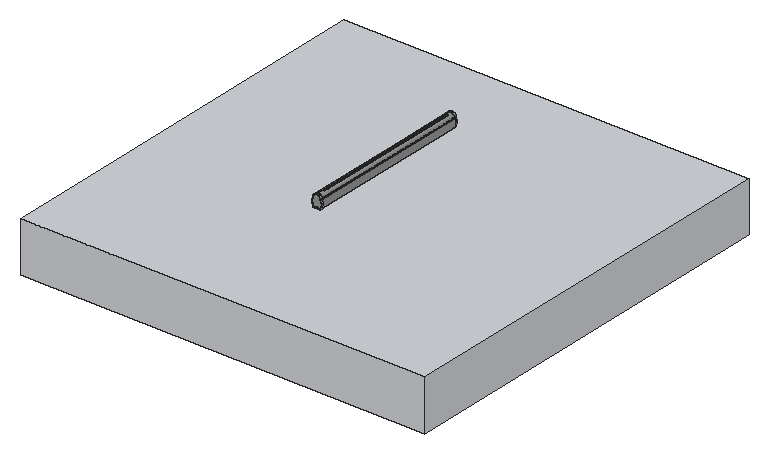
Revit family "L-trade II 45", category Осветительные приборы, Revit 2017
Family settings
  Основа = Грань
  Размер круглого соединителя = Использовать диаметр
  Тип детали = Нормальный
  При загрузке вырезать с полостями = Нет
  Источник света = Да
  Общий = Нет
  Точка расчета площади = Нет
Parameters (values of type "L-trade II 45 5.0K Д")
  Цветовая температура = 5000 K
  Световой поток светильника = Lumens  # 5148 lm
  Расстояние от светильника до поверхности = 250 mm
  Описание = "Универсальный светодиодный светильник нового поколения L-trade II 45 предназначен для освещения торговых залов, промышленных помещений, логистических центров, складов, магазинов, спортивных сооружений и т.д."
  Lamp = ""
  Кривая сил света = "Д"
  Комментарии к типоразмеру = "Торговые"
  Wattage Comments = ""
  Wattage = 34.6569 W
  built-in parameter 1150110 = 1 (stored number, unit not read)
  built-in parameter 1114217 = 1 (stored number, unit not read)
  Tilt Angle = 90.00°
  built-in parameter 1150109 = 1 (stored number, unit not read)
  built-in parameter 1150134 = 2
  built-in parameter 1150113 = 1 (stored number, unit not read)
  Файл фотометрической сетки = "L-trade II 45-22-D-5.0-03.ies"
  built-in parameter 1150142 = "IESNA:LM-63-1995\r\n[TEST]LEDEL\r\n[DATA]17.01.2017\r\n[MANUFAC]LEDEL\r\n[LUMCAT]L-trade II 45/44/Д/5.0/03\r\n[LUMINAIRE]Для освещения торговых залов, промышленных помещений, складов, магазинов, спортивных сооружений и т.д.  \r\n[LAMPCAT]LED\r\n[LAMP]OSRAM DURIS S5\r\nTILT=NONE\r\n\r\n1 5148 1.122546 37 10 1 2 1.031 0.050 0.123\r\n\r\n1 1 44\r\n\r\n 0 2.5 5 7.5 10 12.5 15 17.5 20 22.5 25 27.5 30 32.5 35 37.5 40 42.5 45 47.5\r\n 50 52.5 55 57.5 60 62.5 65 67.5 70 72.5 75 77.5 80 82.5 85 87.5 90\r\n\r\n  0 10 20 30 40 50 60 70 80 90\r\n\r\n  1448 1456 1465 1459 1434 1417 1396 1387 1383 1354 1329 1311 1281 1249 1214\r\n  1167 1135 1093 1050 1004 955 898 842 790 745 685 614 558 497 436\r\n  375 307 242 181 126 65 39\r\n  1449 1455 1464 1457 1433 1415 1396 1387 1385 1360 1334 1315 1285 1254 1221\r\n  1181 1144 1102 1059 1013 961 911 849 798 755 700 626 560 497 434\r\n  371 301 237 176 120 59 39\r\n  1446 1455 1463 1457 1437 1419 1402 1386 1386 1367 1337 1318 1288 1254 1226\r\n  1187 1141 1110 1065 1016 966 920 861 805 762 711 645 578 519 459\r\n  393 327 261 195 142 79 45\r\n  1446 1455 1462 1461 1443 1422 1409 1388 1379 1372 1344 1313 1292 1266 1230\r\n  1195 1156 1111 1073 1024 976 923 870 806 750 704 651 582 514 456\r\n  393 334 265 199 145 84 50\r\n  1446 1454 1462 1461 1447 1427 1411 1395 1371 1361 1347 1320 1287 1263 1235\r\n  1191 1154 1118 1068 1019 972 924 870 813 751 689 638 589 519 450\r\n  390 327 267 206 148 94 52\r\n  1445 1454 1461 1460 1449 1433 1414 1395 1375 1348 1333 1326 1298 1255 1221\r\n  1194 1158 1114 1070 1022 964 917 852 793 731 674 605 546 502 439\r\n  370 313 256 200 141 95 53\r\n  1446 1453 1461 1458 1452 1441 1428 1407 1380 1362 1338 1304 1278 1262 1243\r\n  1196 1146 1105 1065 1015 958 911 855 780 736 671 611 544 480 418\r\n  368 309 249 198 147 99 58\r\n  1447 1454 1458 1455 1449 1445 1432 1419 1396 1372 1343 1310 1281 1254 1215\r\n  1173 1137 1097 1055 1004 943 890 840 772 714 658 590 515 449 386\r\n  323 262 219 167 127 88 52\r\n  1455 1455 1454 1446 1437 1427 1415 1396 1377 1353 1321 1293 1259 1220 1176\r\n  1121 1063 1016 970 915 860 796 738 689 627 546 468 418 339 272\r\n  206 154 106 74 48 28 20\r\n  1453 1452 1452 1449 1443 1436 1425 1412 1396 1376 1352 1327 1293 1265 1234\r\n  1195 1141 1095 1049 999 950 899 826 780 705 632 578 501 435 364\r\n  295 228 169 115 72 40 22\r\n  1455 1452 1447 1432 1418 1398 1384 1368 1355 1329 1289 1253 1215 1176 1132\r\n  1090 1041 993 928 867 814 739 647 556 500 486 437 344 282 217\r\n  153 111 78 55 36 25 22\r\n  1447 1443 1438 1431 1425 1412 1396 1374 1351 1315 1276 1227 1185 1154 1116\r\n  1042 965 916 913 907 845 755 688 630 568 486 419 357 300 242\r\n  190 149 110 70 47 31 29\r\n  1446 1443 1446 1445 1431 1408 1385 1359 1327 1300 1252 1177 1120 1110 1115\r\n  1086 1020 955 910 863 805 738 673 620 554 494 430 368 312 260\r\n  211 161 106 73 47 35 32\r\n  1445 1445 1452 1447 1429 1404 1377 1356 1324 1263 1220 1224 1225 1170 1099\r\n  1054 1021 977 918 854 808 748 695 645 587 527 466 415 356 298\r\n  240 170 126 87 50 37 35\r\n  1446 1448 1455 1447 1428 1403 1377 1340 1278 1267 1296 1269 1209 1168 1128\r\n  1076 1019 958 916 864 809 763 711 653 592 538 481 425 366 301\r\n  228 173 131 83 47 37 35\r\n  1446 1454 1457 1445 1426 1403 1369 1311 1301 1328 1299 1241 1210 1178 1135\r\n  1078 1029 986 933 882 832 775 718 656 604 547 490 430 366 290\r\n  224 175 124 75 44 37 34\r\n  1446 1454 1457 1445 1424 1402 1357 1314 1337 1339 1284 1243 1216 1179 1127\r\n  1076 1035 984 936 896 845 788 726 676 617 559 497 433 362 285\r\n  225 176 120 72 41 37 34\r\n  1449 1459 1456 1440 1421 1391 1343 1326 1355 1329 1277 1253 1225 1186 1130\r\n  1092 1049 999 955 910 858 797 740 689 627 568 508 443 369 293\r\n  235 184 123 72 41 36 34\r\n  1448 1457 1457 1440 1418 1389 1343 1334 1359 1321 1278 1253 1219 1176 1123\r\n  1087 1041 994 951 905 852 790 736 679 621 561 498 432 356 283\r\n  225 172 113 67 40 35 34\r\n\r\n"
  built-in parameter 1150105 = 409.66 (stored number, unit not read)
  Lumens = 5148 lm
  built-in parameter 1150115 = 1 (stored number, unit not read)
  built-in parameter 1150137 = (empty or 0)
  built-in parameter 1150139 = (empty or 0)
  built-in parameter 1150112 = 1 (stored number, unit not read)
  built-in parameter 1150114 = 1 (stored number, unit not read)
  built-in parameter 1150132 = 2
  Классификация нагрузок = Освещение
  built-in parameter 1150102 = (empty or 0)
  built-in parameter 1150107 = 5000 (stored number, unit not read)
  built-in parameter 1150138 = (empty or 0)
  built-in parameter 1150106 = 4.0966 (stored number, unit not read)
  Emit from Rectangle Width = 48 mm
  Emit from Rectangle Length = 1000 mm
  Manufacturer = ""
  Длина профиля = Emit from Rectangle Length  # 1000 mm
  Emit Shape Visible in Rendering = no
  built-in parameter 1150104 = 13.8 (stored number, unit not read)
  Dimming Lamp Color Temperature Shift = (empty or 0)
  Default Elevation = 1219.2 mm
  Color Filter = 16777215
  built-in parameter 1114218 = 1 (stored number, unit not read)
  built-in parameter 1150133 = 10 (stored number, unit not read)
  Apparent Load = 44 VA  # constant formula
  Артикул = "210025"
Reference planes
  plane 1 "Center (Front/Back)": y = 0
  plane 2: z = 0
  plane 3 "Center (Left/Right)": x = 0
Forms (mm)
  Extrusion 1, solid
    sketch origin (0, 0, 0) x (1, 0, 0) y (0, 1, 0)
      loop
        line (-1219.2, 1219.2) -> (-1219.2, -1219.2) -> (1219.2, -1219.2) -> (1219.2, 1219.2) -> (-1219.2, 1219.2)
    from 0 to -304.8
Dimensions and locks
  "Расстояние от светильника до поверхности": imposter light to Extrusion 1
  aligned and locked: plane 2 to Extrusion 1
  aligned and locked: level to Extrusion 1
Automatic sketch dimensions
  Extrusion 1 sketch curve to Extrusion 1 sketch curve = 2438.4 mm  (x2)
Nested families
  nested 1: "L-trade II_body" at (0, 0, 0), type "L-trade II_body"
    with Начало выдавливания 500 mm, Конец выдавливания -500 mm, Длина профиля 1000 mm
Connectors
  electrical at (0, 0, 0), driven by "Apparent Load", driven by "Классификация нагрузок"
    settings: on Extrusion 1, index 1, voltage 230 V, apparent load 0 VA, apparent load phase1 44 VA, apparent load phase2 0 VA, apparent load phase3 0 VA, power factor 1, load classification "Освещение", number of poles 1, system type 31, power factor state 1, is connector primary yes, connector utility no, sub classification motor no, connector description ""
Definition of nested family "L-trade II_body"
  Parameters (values of type "L-trade II_body")
    Тип торцевой крышки = Trade II торцевая крышка : Trade II торцевая крышка
    Расстояние от светильника до плоскости = Расстояние от низа светильника до плоскости + 80 mm  # 250 mm
    Расстояние от низа светильника до плоскости = 170 mm
    Default Elevation = 1219.2 mm
    Начало выдавливания = 250 mm
    Конец выдавливания = Начало выдавливания * (-1)  # -250 mm
    Длина профиля = Начало выдавливания * 2  # 500 mm
  Reference planes
    plane 1 "По центру (Вперед/Назад)": y = 0
    plane 2: z = 0
    plane 3 "По центру (Влево/Вправо)": x = 0
    plane 4 "Плоскость расположения светильника": z = 170
  Forms (mm)
    Extrusion 1, solid
      sketch origin (0, 0, 0) x (1, 0, 0) y (0, 1, 0)
        loop
          line (-1219.2, 1219.2) -> (-1219.2, -1219.2) -> (1219.2, -1219.2) -> (1219.2, 1219.2) -> (-1219.2, 1219.2)
      from 0 to -304.8
    Extrusion 2, solid
      sketch origin (0, 0, 170) x (0, -1, 0) y (1, 0, 0)
        loop
          line (-250, 2.572) -> (250, 2.572) -> (250, 4.625) -> (-250, 4.625) -> (-250, 2.572)
        loop
          line (-250, -2.572) -> (-250, -4.625) -> (250, -4.625) -> (250, -2.572) -> (-250, -2.572)
      from 0 to 1
    Extrusion 3, solid
      sketch origin (0, 0, 0) x (1, 0, 0) y (0, 0, 1)
        loop
          line (2.572, 170) -> (21.583, 170)
          arc (21.583, 170) -> (23.284, 170.705) -> (23.988, 172.406) r 2.406
          line (23.988, 172.406) -> (23.988, 219.1) -> (23.054, 219.44)
          arc (23.054, 219.44) -> (20.433, 219.877) -> (22.85, 220.98) r 1.389
          line (22.85, 220.98) -> (23.732, 222.227)
          arc (23.732, 222.227) -> (24.096, 223.532) -> (23.546, 224.771) r 2.006
          arc (23.546, 224.771) -> (23.261, 225.083) -> (23.188, 225.5) r 0.757
          line (23.188, 225.5) -> (22.224, 225.5) -> (22.224, 224.659) -> (22.797, 224.087)
          arc (22.797, 224.087) -> (22.797, 222.684) -> (21.394, 222.684) r 0.992
          arc (21.394, 222.684) -> (21.071, 222.931) -> (20.696, 223.087) r 1.556
          line (20.696, 223.087) -> (18.325, 223.087)
          arc (18.325, 223.087) -> (16.847, 224.004) -> (18.515, 224.5) r 0.954
          line (18.515, 224.5) -> (19.803, 224.5) -> (19.803, 225.5) -> (19.002, 225.5)
          arc (19.002, 225.5) -> (17.792, 225.901) -> (16.582, 225.5) r 2.024
          line (16.582, 225.5) -> (4.453, 225.5) -> (4.453, 224.5) -> (5.483, 224.5) -> (5.483, 223.3) -> (-5.506, 223.3) -> (-5.506, 224.5) -> (-4.477, 224.5) -> (-4.477, 225.5) -> (-16.606, 225.5)
          arc (-16.606, 225.5) -> (-17.815, 225.901) -> (-19.025, 225.5) r 2.024
          line (-19.025, 225.5) -> (-19.826, 225.5) -> (-19.826, 224.5) -> (-18.538, 224.5)
          arc (-18.538, 224.5) -> (-16.87, 224.004) -> (-18.349, 223.087) r 0.954
          line (-18.349, 223.087) -> (-20.719, 223.087)
          arc (-20.719, 223.087) -> (-21.095, 222.931) -> (-21.417, 222.684) r 1.556
          arc (-21.417, 222.684) -> (-22.82, 222.684) -> (-22.82, 224.087) r 0.992
          line (-22.82, 224.087) -> (-22.247, 224.659) -> (-22.247, 225.5) -> (-23.212, 225.5)
          arc (-23.212, 225.5) -> (-23.284, 225.083) -> (-23.569, 224.771) r 0.757
          arc (-23.569, 224.771) -> (-24.119, 223.532) -> (-23.756, 222.227) r 2.006
          line (-23.756, 222.227) -> (-22.873, 220.98)
          arc (-22.873, 220.98) -> (-20.456, 219.877) -> (-23.077, 219.44) r 1.389
          line (-23.077, 219.44) -> (-24.012, 219.1) -> (-24.012, 172.406)
          arc (-24.012, 172.406) -> (-23.307, 170.705) -> (-21.606, 170) r 2.406
          line (-21.606, 170) -> (-2.595, 170) -> (-2.595, 171) -> (-4.649, 171) -> (-4.649, 175.456) -> (4.625, 175.456) -> (4.625, 171) -> (2.572, 171) -> (2.572, 170)
        loop
          line (5.619, 171) -> (21.584, 171)
          arc (21.584, 171) -> (22.577, 171.411) -> (22.988, 172.405) r 1.405
          line (22.988, 172.405) -> (22.988, 217.897)
          arc (22.988, 217.897) -> (19.715, 218.767) -> (20.407, 222.082) r 2.462
          line (20.407, 222.082) -> (18.726, 222.082)
          arc (18.726, 222.082) -> (16.485, 222.332) -> (15.866, 224.5) r 2.024
          line (15.866, 224.5) -> (6.476, 224.5) -> (6.476, 222.279) -> (-6.499, 222.279) -> (-6.499, 224.5) -> (-15.89, 224.5)
          arc (-15.89, 224.5) -> (-16.509, 222.332) -> (-18.749, 222.082) r 2.024
          line (-18.749, 222.082) -> (-20.43, 222.082)
          arc (-20.43, 222.082) -> (-19.738, 218.767) -> (-23.012, 217.897) r 2.462
          line (-23.012, 217.897) -> (-23.012, 172.405)
          arc (-23.012, 172.405) -> (-22.6, 171.411) -> (-21.607, 171) r 1.405
          line (-21.607, 171) -> (-5.642, 171) -> (-5.642, 176.427) -> (5.619, 176.427) -> (5.619, 171)
      from 250 <- "Начало выдавливания" to -250 <- "Конец выдавливания"
    Extrusion 4, solid
      sketch origin (0, 0, 0) x (1, 0, 0) y (0, 0, 1)
        loop
          arc (-0.012, 246.283) -> (14.71, 240.185) -> (20.808, 225.463) r 20.82
          line (20.808, 225.463) -> (20.808, 224.359) -> (18.369, 224.359) -> (18.369, 223.222) -> (22.088, 223.222) -> (22.088, 225.463)
          arc (22.088, 225.463) -> (15.615, 241.09) -> (-0.012, 247.563) r 22.1
          arc (-0.012, 247.563) -> (-15.639, 241.09) -> (-22.112, 225.463) r 22.1
          line (-22.112, 225.463) -> (-22.112, 223.222) -> (-18.393, 223.222) -> (-18.393, 224.359) -> (-20.832, 224.359) -> (-20.832, 225.463)
          arc (-20.832, 225.463) -> (-14.734, 240.185) -> (-0.012, 246.283) r 20.82
      from 250 <- "Начало выдавливания" to -250 <- "Конец выдавливания"
  Dimensions and locks
    "Расстояние от низа светильника до плоскости": plane 4 "Плоскость расположения светильника" to Extrusion 1
    aligned and locked: plane 2 to Extrusion 1
    aligned and locked: level to Extrusion 1
  Automatic sketch dimensions
    Extrusion 1 sketch curve to Extrusion 1 sketch curve = 2438.4 mm  (x2)
    Extrusion 2 sketch curve to plane 3 "По центру (Влево/Вправо)" = 2.572 mm
    Extrusion 2 sketch curve to plane 1 "По центру (Вперед/Назад)" = 250 mm
    plane 1 "По центру (Вперед/Назад)" to Extrusion 2 sketch curve = 250 mm
    plane 3 "По центру (Влево/Вправо)" to Extrusion 2 sketch curve = 2.572 mm
    Extrusion 2 sketch curve to Extrusion 2 sketch curve = 0 mm  (x2)
    Extrusion 2 sketch curve to Extrusion 2 sketch curve = 2.053 mm  (x2)
    Extrusion 3 sketch curve to Extrusion 3 sketch curve = 0 mm  (x22)
    Extrusion 3 sketch curve to plane 4 "Плоскость расположения светильника" = 0 mm  (x2)
    Extrusion 3 sketch curve to plane 3 "По центру (Влево/Вправо)" = 24.012 mm
    Extrusion 3 sketch curve to Extrusion 3 sketch curve = 0.047 mm
    Extrusion 3 sketch curve to Extrusion 3 sketch curve = 0.256 mm
    Extrusion 3 sketch curve to Extrusion 3 sketch curve = 0.753 mm  (x2)
    Extrusion 3 sketch curve to Extrusion 3 sketch curve = 0.935 mm  (x2)
    Extrusion 3 sketch curve to Extrusion 3 sketch curve = 1 mm  (x4)
    Extrusion 3 sketch curve to Extrusion 3 sketch curve = 0.882 mm  (x2)
    Extrusion 3 sketch curve to Extrusion 3 sketch curve = 0.392 mm
    Extrusion 3 sketch curve to Extrusion 3 sketch curve = 0.964 mm  (x2)
    Extrusion 3 sketch curve to Extrusion 3 sketch curve = 0.702 mm  (x2)
    Extrusion 3 sketch curve to Extrusion 3 sketch curve = 1.04 mm  (x2)
    Extrusion 3 sketch curve to Extrusion 3 sketch curve = 1.405 mm
    Extrusion 3 sketch curve to Extrusion 3 sketch curve = 0.001 mm  (x2)
    Extrusion 3 sketch curve to Extrusion 3 sketch curve = 1.399 mm  (x2)
    Extrusion 3 sketch curve to Extrusion 3 sketch curve = 0.289 mm  (x2)
    Extrusion 3 sketch curve to Extrusion 3 sketch curve = 0.114 mm  (x2)
    Extrusion 3 sketch curve to Extrusion 3 sketch curve = 2.421 mm
    Extrusion 3 sketch curve to Extrusion 3 sketch curve = 0.801 mm  (x2)
    Extrusion 3 sketch curve to Extrusion 3 sketch curve = 1.567 mm  (x2)
    Extrusion 3 sketch curve to Extrusion 3 sketch curve = 0.487 mm  (x2)
    Extrusion 3 sketch curve to Extrusion 3 sketch curve = 0.401 mm  (x2)
    Extrusion 3 sketch curve to Extrusion 3 sketch curve = 0.533 mm  (x2)
    Extrusion 3 sketch curve to Extrusion 3 sketch curve = 1.21 mm  (x2)
    Extrusion 3 sketch curve to Extrusion 3 sketch curve = 0.716 mm  (x2)
    Extrusion 3 sketch curve to plane 3 "По центру (Влево/Вправо)" = 6.499 mm
    plane 4 "Плоскость расположения светильника" to Extrusion 3 sketch curve = 1 mm  (x4)
    Extrusion 3 sketch curve to plane 3 "По центру (Влево/Вправо)" = 5.642 mm
    Extrusion 3 sketch curve to Extrusion 3 sketch curve = 0.993 mm  (x4)
    Extrusion 3 sketch curve to Extrusion 3 sketch curve = 1.03 mm  (x2)
    Extrusion 3 sketch curve to Extrusion 3 sketch curve = 2.053 mm  (x2)
    plane 3 "По центру (Влево/Вправо)" to Extrusion 3 sketch curve = 2.572 mm
    plane 3 "По центру (Влево/Вправо)" to Extrusion 3 sketch curve = 4.453 mm
    Extrusion 3 sketch curve to Extrusion 3 sketch curve = 9.39 mm
    Extrusion 3 sketch curve to Extrusion 3 sketch curve = 0.723 mm
    plane 4 "Плоскость расположения светильника" to Extrusion 3 sketch curve = 2.406 mm
    Extrusion 3 sketch curve to Extrusion 3 sketch curve = 15.964 mm
    Extrusion 3 sketch curve to Extrusion 3 sketch curve = 1.517 mm
    Extrusion 3 sketch curve to Extrusion 3 sketch curve = 0.129 mm
    Extrusion 3 sketch curve to Extrusion 3 sketch curve = 0.573 mm  (x3)
    Extrusion 3 sketch curve to Extrusion 3 sketch curve = 4.456 mm
    Extrusion 3 sketch curve to Extrusion 3 sketch curve = 0.971 mm
    Extrusion 3 sketch curve to Extrusion 3 sketch curve = 41.47 mm  (x2)
    Extrusion 3 sketch curve to Extrusion 3 sketch curve = 1.203 mm  (x2)
    Extrusion 3 sketch curve to Extrusion 3 sketch curve = 0.34 mm  (x2)
    Extrusion 3 sketch curve to Extrusion 3 sketch curve = 0.619 mm  (x2)
    Extrusion 3 sketch curve to Extrusion 3 sketch curve = 0.498 mm  (x2)
    Extrusion 3 sketch curve to Extrusion 3 sketch curve = 1.247 mm  (x2)
    Extrusion 3 sketch curve to Extrusion 3 sketch curve = 0.198 mm
    Extrusion 3 sketch curve to Extrusion 3 sketch curve = 1.005 mm  (x2)
    Extrusion 3 sketch curve to Extrusion 3 sketch curve = 1.021 mm
    Extrusion 3 sketch curve to Extrusion 3 sketch curve = 0.299 mm  (x2)
    Extrusion 3 sketch curve to Extrusion 3 sketch curve = 0.791 mm  (x2)
    Extrusion 3 sketch curve to Extrusion 3 sketch curve = 1.33 mm  (x2)
    Extrusion 3 sketch curve to Extrusion 3 sketch curve = 0.841 mm  (x2)
    Extrusion 3 sketch curve to Extrusion 3 sketch curve = 0.698 mm
    Extrusion 4 sketch curve to Extrusion 4 sketch curve = 0 mm  (x13)
    Extrusion 4 sketch curve to plane 3 "По центру (Влево/Вправо)" = 22.112 mm
    Extrusion 4 sketch curve to Extrusion 4 sketch curve = 1.28 mm
    Extrusion 4 sketch curve to Extrusion 4 sketch curve = 2.439 mm  (x2)
    Extrusion 4 sketch curve to plane 3 "По центру (Влево/Вправо)" = 0.012 mm
    plane 4 "Плоскость расположения светильника" to Extrusion 4 sketch curve = 53.222 mm
    Extrusion 4 sketch curve to Extrusion 4 sketch curve = 1.137 mm  (x2)
    Extrusion 4 sketch curve to Extrusion 4 sketch curve = 1.104 mm
  Nested families
    nested 1: "Trade II торцевая крышка" at (0.005, 0, 0), type <- "Тип торцевой крышки", type "Trade II торцевая крышка"
      with Расстояние от светильника до плоскости 250 mm, Расстояние до плоскости 178 mm, Начало профиля 250 mm, Начало выделения 250 mm, Конец профиля 250 mm, Конец выделения 250 mm, Длина профиля 500 mm
    nested 2: "Trade II торцевая крышка" at (0, 0, 0), type <- "Тип торцевой крышки", type "Trade II торцевая крышка"
      with Расстояние от светильника до плоскости 250 mm, Расстояние до плоскости 178 mm, Начало профиля 250 mm, Начало выделения 250 mm, Конец профиля 250 mm, Конец выделения 250 mm, Длина профиля 500 mm
  Definition of nested family "Trade II торцевая крышка"
    Parameters (values of type "Trade II торцевая крышка")
      Расстояние от светильника до плоскости = Расстояние до плоскости + 72 mm  # 322 mm
      Расстояние до плоскости = 250 mm
      Default Elevation = 1219.2 mm
      Начало профиля = 500 mm
      Начало выделения = Начало профиля  # 500 mm
      Конец профиля = Начало профиля  # 500 mm
      Конец выделения = Конец профиля  # 500 mm
      Длина профиля = Начало профиля * 2  # 1000 mm
    Reference planes
      plane 1 "По центру (Вперед/Назад)": y = 0
      plane 2: z = 0
      plane 3 "По центру (Влево/Вправо)": x = 0
      plane 4 "Плоскость низа светильника": z = 250
      plane 5 "Начало выд": y = -500
      plane 6 "Конец выд": y = 500
    Forms (mm)
      Extrusion 1, solid
        sketch origin (0, 0, 0) x (1, 0, 0) y (0, 1, 0)
          loop
            line (-1219.2, 1219.2) -> (-1219.2, -1219.2) -> (1219.2, -1219.2) -> (1219.2, 1219.2) -> (-1219.2, 1219.2)
        from 0 to -304.8
      Extrusion 2, solid
        sketch origin (0, 500, 0) x (0, 0, -1) y (1, 0, 0)
          loop
            arc (-298.752, 21.086) -> (-313.465, 14.795) -> (-319.533, -0.012) r 21.1
            arc (-319.533, -0.012) -> (-313.465, -14.818) -> (-298.752, -21.109) r 21.1
            arc (-298.752, -21.109) -> (-295.801, -23.179) -> (-292.204, -23.41) r 6.666
            arc (-292.204, -23.41) -> (-287.349, -22.848) -> (-283.631, -26.02) r 6.12
            line (-283.631, -26.02) -> (-282.1, -29.159)
            arc (-282.1, -29.159) -> (-281.536, -29.747) -> (-280.75, -29.964) r 1.536
            line (-280.75, -29.964) -> (-272.479, -29.964) -> (-264.208, -29.964)
            arc (-264.208, -29.964) -> (-263.423, -29.748) -> (-262.859, -29.161) r 1.536
            line (-262.859, -29.161) -> (-261.333, -26.017)
            arc (-261.333, -26.017) -> (-257.413, -22.783) -> (-252.402, -23.624) r 6.12
            arc (-252.402, -23.624) -> (-249.184, -24.431) -> (-246.185, -23.012) r 4.919
            arc (-246.185, -23.012) -> (-245.496, -23.055) -> (-244.832, -22.871) r 2.071
            arc (-244.832, -22.871) -> (-244.246, -22.355) -> (-244.028, -21.606) r 1.397
            line (-244.028, -21.606) -> (-244.028, -5.649) -> (-250, -5.649) -> (-250, -0.012) -> (-250, 5.625) -> (-244.028, 5.625) -> (-244.028, 21.583)
            arc (-244.028, 21.583) -> (-244.246, 22.332) -> (-244.832, 22.848) r 1.397
            arc (-244.832, 22.848) -> (-245.496, 23.032) -> (-246.185, 22.988) r 2.071
            arc (-246.185, 22.988) -> (-249.184, 24.408) -> (-252.402, 23.601) r 4.919
            arc (-252.402, 23.601) -> (-257.413, 22.759) -> (-261.333, 25.993) r 6.12
            line (-261.333, 25.993) -> (-262.859, 29.137)
            arc (-262.859, 29.137) -> (-263.423, 29.725) -> (-264.208, 29.94) r 1.536
            line (-264.208, 29.94) -> (-272.479, 29.94) -> (-280.75, 29.94)
            arc (-280.75, 29.94) -> (-281.536, 29.724) -> (-282.1, 29.136) r 1.536
            line (-282.1, 29.136) -> (-283.631, 25.997)
            arc (-283.631, 25.997) -> (-287.349, 22.825) -> (-292.204, 23.386) r 6.12
            arc (-292.204, 23.386) -> (-295.801, 23.156) -> (-298.752, 21.086) r 6.666
        from 0 to -1
      Extrusion 3, solid
        sketch origin (0, -500, 0) x (0, 0, -1) y (1, 0, 0)
          loop
            line (-244.028, 5.632) -> (-244.028, 21.59)
            arc (-244.028, 21.59) -> (-244.246, 22.339) -> (-244.832, 22.854) r 1.397
            arc (-244.832, 22.854) -> (-245.496, 23.039) -> (-246.185, 22.995) r 2.071
            arc (-246.185, 22.995) -> (-249.184, 24.415) -> (-252.402, 23.607) r 4.919
            arc (-252.402, 23.607) -> (-257.413, 22.766) -> (-261.333, 26) r 6.12
            line (-261.333, 26) -> (-262.859, 29.144)
            arc (-262.859, 29.144) -> (-263.423, 29.731) -> (-264.208, 29.947) r 1.536
            line (-264.208, 29.947) -> (-272.479, 29.947) -> (-280.75, 29.947)
            arc (-280.75, 29.947) -> (-281.536, 29.731) -> (-282.1, 29.143) r 1.536
            line (-282.1, 29.143) -> (-283.631, 26.003)
            arc (-283.631, 26.003) -> (-287.349, 22.832) -> (-292.204, 23.393) r 6.12
            arc (-292.204, 23.393) -> (-295.801, 23.163) -> (-298.752, 21.093) r 6.666
            arc (-298.752, 21.093) -> (-313.465, 14.802) -> (-319.533, -0.005) r 21.1
            arc (-319.533, -0.005) -> (-313.465, -14.811) -> (-298.752, -21.102) r 21.1
            arc (-298.752, -21.102) -> (-295.801, -23.172) -> (-292.204, -23.403) r 6.666
            arc (-292.204, -23.403) -> (-287.349, -22.841) -> (-283.631, -26.013) r 6.12
            line (-283.631, -26.013) -> (-282.1, -29.153)
            arc (-282.1, -29.153) -> (-281.536, -29.741) -> (-280.75, -29.957) r 1.536
            line (-280.75, -29.957) -> (-272.479, -29.957) -> (-264.208, -29.957)
            arc (-264.208, -29.957) -> (-263.423, -29.741) -> (-262.859, -29.154) r 1.536
            line (-262.859, -29.154) -> (-261.333, -26.01)
            arc (-261.333, -26.01) -> (-257.413, -22.776) -> (-252.402, -23.617) r 6.12
            arc (-252.402, -23.617) -> (-249.184, -24.424) -> (-246.185, -23.005) r 4.919
            arc (-246.185, -23.005) -> (-245.496, -23.049) -> (-244.832, -22.864) r 2.071
            arc (-244.832, -22.864) -> (-244.246, -22.348) -> (-244.028, -21.599) r 1.397
            line (-244.028, -21.599) -> (-244.028, -5.642) -> (-248, -5.642) -> (-250, -5.649) -> (-250, 5.625) -> (-248, 5.625) -> (-244.028, 5.632)
        from 0 to 1
      Extrusion 4, solid
        sketch origin (0, -500, 0) x (0, 0, -1) y (1, 0, 0)
          loop
            arc (-319.533, -0.005) -> (-313.465, -14.811) -> (-298.752, -21.102) r 21.1
            arc (-298.752, -21.102) -> (-295.801, -23.172) -> (-292.204, -23.403) r 6.666
            arc (-292.204, -23.403) -> (-287.349, -22.841) -> (-283.631, -26.013) r 6.12
            line (-283.631, -26.013) -> (-282.1, -29.153)
            arc (-282.1, -29.153) -> (-281.536, -29.741) -> (-280.75, -29.957) r 1.536
            line (-280.75, -29.957) -> (-272.479, -29.957) -> (-264.208, -29.957)
            arc (-264.208, -29.957) -> (-263.423, -29.741) -> (-262.859, -29.154) r 1.536
            line (-262.859, -29.154) -> (-261.333, -26.01)
            arc (-261.333, -26.01) -> (-257.413, -22.776) -> (-252.402, -23.617) r 6.12
            arc (-252.402, -23.617) -> (-249.184, -24.424) -> (-246.185, -23.005) r 4.919
            arc (-246.185, -23.005) -> (-245.496, -23.049) -> (-244.832, -22.864) r 2.071
            arc (-244.832, -22.864) -> (-244.246, -22.348) -> (-244.028, -21.599) r 1.397
            line (-244.028, -21.599) -> (-244.028, -5.642) -> (-248, -5.642) -> (-250, -5.649) -> (-250, -0.012) -> (-250, 5.639) -> (-248, 5.639) -> (-244.028, 5.632) -> (-244.028, 21.59)
            arc (-244.028, 21.59) -> (-244.246, 22.339) -> (-244.832, 22.854) r 1.397
            arc (-244.832, 22.854) -> (-245.496, 23.039) -> (-246.185, 22.995) r 2.071
            arc (-246.185, 22.995) -> (-249.184, 24.415) -> (-252.402, 23.607) r 4.919
            arc (-252.402, 23.607) -> (-257.413, 22.766) -> (-261.333, 26) r 6.12
            line (-261.333, 26) -> (-262.859, 29.144)
            arc (-262.859, 29.144) -> (-263.423, 29.731) -> (-264.208, 29.947) r 1.536
            line (-264.208, 29.947) -> (-272.479, 29.947) -> (-280.75, 29.947)
            arc (-280.75, 29.947) -> (-281.536, 29.731) -> (-282.1, 29.143) r 1.536
            line (-282.1, 29.143) -> (-283.631, 26.003)
            arc (-283.631, 26.003) -> (-287.349, 22.832) -> (-292.204, 23.393) r 6.12
            arc (-292.204, 23.393) -> (-295.801, 23.163) -> (-298.752, 21.093) r 6.666
            arc (-298.752, 21.093) -> (-313.465, 14.802) -> (-319.533, -0.005) r 21.1
          loop
            arc (-321.533, -0.005) -> (-315.194, -15.9) -> (-299.657, -23.072) r 23.1
            arc (-299.657, -23.072) -> (-295.831, -25.254) -> (-291.427, -25.274) r 8.666
            arc (-291.427, -25.274) -> (-288.06, -24.718) -> (-285.429, -26.89) r 4.12
            line (-285.429, -26.89) -> (-283.883, -30.06)
            arc (-283.883, -30.06) -> (-282.581, -31.446) -> (-280.75, -31.957) r 3.536
            line (-280.75, -31.957) -> (-272.479, -31.957) -> (-264.208, -31.957)
            arc (-264.208, -31.957) -> (-262.377, -31.446) -> (-261.075, -30.06) r 3.536
            line (-261.075, -30.06) -> (-259.534, -26.884)
            arc (-259.534, -26.884) -> (-256.893, -24.707) -> (-253.519, -25.276) r 4.12
            arc (-253.519, -25.276) -> (-249.474, -26.446) -> (-245.501, -25.054) r 6.919
            arc (-245.501, -25.054) -> (-244.724, -24.938) -> (-243.983, -24.675) r 4.071
            arc (-243.983, -24.675) -> (-242.558, -23.421) -> (-242.028, -21.599) r 3.397
            line (-242.028, -21.599) -> (-242.028, -3.642) -> (-248, -3.642) -> (-248, -0.012) -> (-248, 3.632) -> (-242.028, 3.632) -> (-242.028, 21.59)
            arc (-242.028, 21.59) -> (-242.558, 23.412) -> (-243.983, 24.665) r 3.397
            arc (-243.983, 24.665) -> (-244.724, 24.929) -> (-245.501, 25.045) r 4.071
            arc (-245.501, 25.045) -> (-249.474, 26.436) -> (-253.519, 25.267) r 6.919
            arc (-253.519, 25.267) -> (-256.893, 24.698) -> (-259.534, 26.875) r 4.12
            line (-259.534, 26.875) -> (-261.075, 30.05)
            arc (-261.075, 30.05) -> (-262.377, 31.436) -> (-264.208, 31.947) r 3.536
            line (-264.208, 31.947) -> (-272.479, 31.947) -> (-280.75, 31.947)
            arc (-280.75, 31.947) -> (-282.581, 31.436) -> (-283.883, 30.05) r 3.536
            line (-283.883, 30.05) -> (-285.429, 26.88)
            arc (-285.429, 26.88) -> (-288.06, 24.708) -> (-291.427, 25.265) r 4.12
            arc (-291.427, 25.265) -> (-295.831, 25.245) -> (-299.657, 23.063) r 8.666
            arc (-299.657, 23.063) -> (-315.194, 15.891) -> (-321.533, -0.005) r 23.1
        from 0 to 9
      Extrusion 5, solid
        sketch origin (0, 500, 0) x (0, 0, -1) y (1, 0, 0)
          loop
            arc (-319.526, -0.004) -> (-313.459, -14.811) -> (-298.746, -21.101) r 21.1
            arc (-298.746, -21.101) -> (-295.795, -23.171) -> (-292.197, -23.402) r 6.666
            arc (-292.197, -23.402) -> (-287.343, -22.84) -> (-283.625, -26.012) r 6.12
            line (-283.625, -26.012) -> (-282.093, -29.152)
            arc (-282.093, -29.152) -> (-281.529, -29.74) -> (-280.743, -29.956) r 1.536
            line (-280.743, -29.956) -> (-272.472, -29.956) -> (-264.202, -29.956)
            arc (-264.202, -29.956) -> (-263.416, -29.74) -> (-262.852, -29.153) r 1.536
            line (-262.852, -29.153) -> (-261.326, -26.009)
            arc (-261.326, -26.009) -> (-257.406, -22.775) -> (-252.395, -23.616) r 6.12
            arc (-252.395, -23.616) -> (-249.177, -24.424) -> (-246.178, -23.004) r 4.919
            arc (-246.178, -23.004) -> (-245.49, -23.048) -> (-244.825, -22.863) r 2.071
            arc (-244.825, -22.863) -> (-244.239, -22.348) -> (-244.021, -21.598) r 1.397
            line (-244.021, -21.598) -> (-244.021, -5.641) -> (-247.993, -5.641) -> (-249.993, -5.648) -> (-249.993, -0.011) -> (-249.993, 5.64) -> (-247.993, 5.64) -> (-244.021, 5.633) -> (-244.021, 21.59)
            arc (-244.021, 21.59) -> (-244.239, 22.34) -> (-244.825, 22.855) r 1.397
            arc (-244.825, 22.855) -> (-245.49, 23.04) -> (-246.178, 22.996) r 2.071
            arc (-246.178, 22.996) -> (-249.177, 24.416) -> (-252.395, 23.608) r 4.919
            arc (-252.395, 23.608) -> (-257.406, 22.767) -> (-261.326, 26.001) r 6.12
            line (-261.326, 26.001) -> (-262.852, 29.145)
            arc (-262.852, 29.145) -> (-263.416, 29.732) -> (-264.202, 29.948) r 1.536
            line (-264.202, 29.948) -> (-272.472, 29.948) -> (-280.743, 29.948)
            arc (-280.743, 29.948) -> (-281.529, 29.732) -> (-282.093, 29.144) r 1.536
            line (-282.093, 29.144) -> (-283.625, 26.004)
            arc (-283.625, 26.004) -> (-287.343, 22.833) -> (-292.197, 23.394) r 6.12
            arc (-292.197, 23.394) -> (-295.795, 23.163) -> (-298.746, 21.094) r 6.666
            arc (-298.746, 21.094) -> (-313.459, 14.803) -> (-319.526, -0.004) r 21.1
          loop
            arc (-321.526, -0.004) -> (-315.188, -15.899) -> (-299.65, -23.071) r 23.1
            arc (-299.65, -23.071) -> (-295.824, -25.254) -> (-291.42, -25.273) r 8.666
            arc (-291.42, -25.273) -> (-288.054, -24.717) -> (-285.422, -26.889) r 4.12
            line (-285.422, -26.889) -> (-283.876, -30.059)
            arc (-283.876, -30.059) -> (-282.575, -31.445) -> (-280.743, -31.956) r 3.536
            line (-280.743, -31.956) -> (-272.472, -31.956) -> (-264.202, -31.956)
            arc (-264.202, -31.956) -> (-262.37, -31.445) -> (-261.068, -30.059) r 3.536
            line (-261.068, -30.059) -> (-259.527, -26.883)
            arc (-259.527, -26.883) -> (-256.887, -24.706) -> (-253.512, -25.275) r 4.12
            arc (-253.512, -25.275) -> (-249.468, -26.445) -> (-245.494, -25.053) r 6.919
            arc (-245.494, -25.053) -> (-244.717, -24.937) -> (-243.976, -24.674) r 4.071
            arc (-243.976, -24.674) -> (-242.551, -23.421) -> (-242.021, -21.598) r 3.397
            line (-242.021, -21.598) -> (-242.021, -3.641) -> (-247.993, -3.641) -> (-247.993, -0.011) -> (-247.993, 3.633) -> (-242.021, 3.633) -> (-242.021, 21.59)
            arc (-242.021, 21.59) -> (-242.551, 23.413) -> (-243.976, 24.666) r 3.397
            arc (-243.976, 24.666) -> (-244.717, 24.93) -> (-245.494, 25.046) r 4.071
            arc (-245.494, 25.046) -> (-249.468, 26.437) -> (-253.512, 25.267) r 6.919
            arc (-253.512, 25.267) -> (-256.887, 24.698) -> (-259.527, 26.875) r 4.12
            line (-259.527, 26.875) -> (-261.068, 30.051)
            arc (-261.068, 30.051) -> (-262.37, 31.437) -> (-264.202, 31.948) r 3.536
            line (-264.202, 31.948) -> (-272.472, 31.948) -> (-280.743, 31.948)
            arc (-280.743, 31.948) -> (-282.575, 31.437) -> (-283.876, 30.051) r 3.536
            line (-283.876, 30.051) -> (-285.422, 26.881)
            arc (-285.422, 26.881) -> (-288.054, 24.709) -> (-291.42, 25.265) r 4.12
            arc (-291.42, 25.265) -> (-295.824, 25.246) -> (-299.65, 23.064) r 8.666
            arc (-299.65, 23.064) -> (-315.188, 15.892) -> (-321.526, -0.004) r 23.1
        from 0 to -9
      Extrusion 6, solid
        sketch origin (0, -500, 0) x (0, 0, -1) y (1, 0, 0)
          loop
            line (-244.028, 5.632) -> (-244.028, 21.59)
            arc (-244.028, 21.59) -> (-244.246, 22.339) -> (-244.832, 22.854) r 1.397
            arc (-244.832, 22.854) -> (-245.496, 23.039) -> (-246.185, 22.995) r 2.071
            arc (-246.185, 22.995) -> (-249.184, 24.415) -> (-252.402, 23.607) r 4.919
            arc (-252.402, 23.607) -> (-257.413, 22.766) -> (-261.333, 26) r 6.12
            line (-261.333, 26) -> (-262.859, 29.144)
            arc (-262.859, 29.144) -> (-263.423, 29.731) -> (-264.208, 29.947) r 1.536
            line (-264.208, 29.947) -> (-272.479, 29.947) -> (-280.75, 29.947)
            arc (-280.75, 29.947) -> (-281.536, 29.731) -> (-282.1, 29.143) r 1.536
            line (-282.1, 29.143) -> (-283.631, 26.003)
            arc (-283.631, 26.003) -> (-287.349, 22.832) -> (-292.204, 23.393) r 6.12
            arc (-292.204, 23.393) -> (-295.801, 23.163) -> (-298.752, 21.093) r 6.666
            arc (-298.752, 21.093) -> (-313.465, 14.802) -> (-319.533, -0.005) r 21.1
            arc (-319.533, -0.005) -> (-313.465, -14.811) -> (-298.752, -21.102) r 21.1
            arc (-298.752, -21.102) -> (-295.801, -23.172) -> (-292.204, -23.403) r 6.666
            arc (-292.204, -23.403) -> (-287.349, -22.841) -> (-283.631, -26.013) r 6.12
            line (-283.631, -26.013) -> (-282.1, -29.153)
            arc (-282.1, -29.153) -> (-281.536, -29.741) -> (-280.75, -29.957) r 1.536
            line (-280.75, -29.957) -> (-272.479, -29.957) -> (-264.208, -29.957)
            arc (-264.208, -29.957) -> (-263.423, -29.741) -> (-262.859, -29.154) r 1.536
            line (-262.859, -29.154) -> (-261.333, -26.01)
            arc (-261.333, -26.01) -> (-257.413, -22.776) -> (-252.402, -23.617) r 6.12
            arc (-252.402, -23.617) -> (-249.184, -24.424) -> (-246.185, -23.005) r 4.919
            arc (-246.185, -23.005) -> (-245.496, -23.049) -> (-244.832, -22.864) r 2.071
            arc (-244.832, -22.864) -> (-244.246, -22.348) -> (-244.028, -21.599) r 1.397
            line (-244.028, -21.599) -> (-244.028, -5.642) -> (-248, -5.642) -> (-250, -5.649) -> (-250, 5.625) -> (-248, 5.625) -> (-244.028, 5.632)
        from 8 to 9
      Extrusion 7, solid
        sketch origin (0, 500, 0) x (0, 0, -1) y (1, 0, 0)
          loop
            line (-244.028, 5.632) -> (-244.028, 21.59)
            arc (-244.028, 21.59) -> (-244.246, 22.339) -> (-244.832, 22.854) r 1.397
            arc (-244.832, 22.854) -> (-245.496, 23.039) -> (-246.185, 22.995) r 2.071
            arc (-246.185, 22.995) -> (-249.184, 24.415) -> (-252.402, 23.607) r 4.919
            arc (-252.402, 23.607) -> (-257.413, 22.766) -> (-261.333, 26) r 6.12
            line (-261.333, 26) -> (-262.859, 29.144)
            arc (-262.859, 29.144) -> (-263.423, 29.731) -> (-264.208, 29.947) r 1.536
            line (-264.208, 29.947) -> (-272.479, 29.947) -> (-280.75, 29.947)
            arc (-280.75, 29.947) -> (-281.536, 29.731) -> (-282.1, 29.143) r 1.536
            line (-282.1, 29.143) -> (-283.631, 26.003)
            arc (-283.631, 26.003) -> (-287.349, 22.832) -> (-292.204, 23.393) r 6.12
            arc (-292.204, 23.393) -> (-295.801, 23.163) -> (-298.752, 21.093) r 6.666
            arc (-298.752, 21.093) -> (-313.465, 14.802) -> (-319.533, -0.005) r 21.1
            arc (-319.533, -0.005) -> (-313.465, -14.811) -> (-298.752, -21.102) r 21.1
            arc (-298.752, -21.102) -> (-295.801, -23.172) -> (-292.204, -23.403) r 6.666
            arc (-292.204, -23.403) -> (-287.349, -22.841) -> (-283.631, -26.013) r 6.12
            line (-283.631, -26.013) -> (-282.1, -29.153)
            arc (-282.1, -29.153) -> (-281.536, -29.741) -> (-280.75, -29.957) r 1.536
            line (-280.75, -29.957) -> (-272.479, -29.957) -> (-264.208, -29.957)
            arc (-264.208, -29.957) -> (-263.423, -29.741) -> (-262.859, -29.154) r 1.536
            line (-262.859, -29.154) -> (-261.333, -26.01)
            arc (-261.333, -26.01) -> (-257.413, -22.776) -> (-252.402, -23.617) r 6.12
            arc (-252.402, -23.617) -> (-249.184, -24.424) -> (-246.185, -23.005) r 4.919
            arc (-246.185, -23.005) -> (-245.496, -23.049) -> (-244.832, -22.864) r 2.071
            arc (-244.832, -22.864) -> (-244.246, -22.348) -> (-244.028, -21.599) r 1.397
            line (-244.028, -21.599) -> (-244.028, -5.642) -> (-248, -5.642) -> (-250, -5.649) -> (-250, 5.625) -> (-248, 5.625) -> (-244.028, 5.632)
        from -8 to -9
    Dimensions and locks
      "Расстояние до плоскости": plane 4 "Плоскость низа светильника" to Extrusion 1
      "Начало выделения": plane 5 "Начало выд" to plane 1 "По центру (Вперед/Назад)"
      "Конец выделения": plane 1 "По центру (Вперед/Назад)" to plane 6 "Конец выд"
      aligned and locked: plane 2 to Extrusion 1
      aligned and locked: level to Extrusion 1
    Automatic sketch dimensions
      Extrusion 1 sketch curve to Extrusion 1 sketch curve = 2438.4 mm  (x2)
      Extrusion 2 sketch curve to Extrusion 2 sketch curve = 0 mm  (x2)
      Extrusion 2 sketch curve to plane 4 "Плоскость низа светильника" = 0 mm
      plane 4 "Плоскость низа светильника" to Extrusion 2 sketch curve = 5.829 mm  (x2)
      Extrusion 2 sketch curve to Extrusion 2 sketch curve = 5.503 mm  (x2)
      Extrusion 2 sketch curve to Extrusion 2 sketch curve = 1.526 mm  (x2)
      Extrusion 2 sketch curve to Extrusion 2 sketch curve = 1.35 mm  (x4)
      Extrusion 2 sketch curve to Extrusion 2 sketch curve = 8.271 mm  (x4)
      Extrusion 2 sketch curve to Extrusion 2 sketch curve = 1.531 mm  (x2)
      Extrusion 2 sketch curve to Extrusion 2 sketch curve = 5.501 mm  (x2)
      Extrusion 2 sketch curve to Extrusion 2 sketch curve = 4.46 mm  (x2)
      Extrusion 2 sketch curve to plane 3 "По центру (Влево/Вправо)" = 0.012 mm  (x2)
      Extrusion 2 sketch curve to Extrusion 2 sketch curve = 4.841 mm
      Extrusion 2 sketch curve to plane 4 "Плоскость низа светильника" = 0.334 mm  (x2)
      Extrusion 2 sketch curve to Extrusion 2 sketch curve = 3.955 mm  (x2)
      Extrusion 2 sketch curve to Extrusion 2 sketch curve = 0.286 mm  (x2)
      Extrusion 2 sketch curve to Extrusion 2 sketch curve = 1.397 mm
      Extrusion 2 sketch curve to plane 4 "Плоскость низа светильника" = 5.972 mm
      Extrusion 2 sketch curve to plane 3 "По центру (Влево/Вправо)" = 5.649 mm
      Extrusion 2 sketch curve to plane 3 "По центру (Влево/Вправо)" = 16.89 mm
      Extrusion 2 sketch curve to Extrusion 2 sketch curve = 13.888 mm  (x2)
      Extrusion 2 sketch curve to Extrusion 2 sketch curve = 1.459 mm  (x2)
      Extrusion 2 sketch curve to Extrusion 2 sketch curve = 0.611 mm  (x2)
      Extrusion 2 sketch curve to Extrusion 2 sketch curve = 6.48 mm  (x2)
      Extrusion 2 sketch curve to Extrusion 2 sketch curve = 9.13 mm  (x2)
      Extrusion 2 sketch curve to Extrusion 2 sketch curve = 2.408 mm  (x2)
      Extrusion 2 sketch curve to Extrusion 2 sketch curve = 2.412 mm  (x2)
      Extrusion 2 sketch curve to Extrusion 2 sketch curve = 2.678 mm  (x2)
      Extrusion 2 sketch curve to Extrusion 2 sketch curve = 2.683 mm  (x2)
      Extrusion 2 sketch curve to Extrusion 2 sketch curve = 0.731 mm  (x2)
      plane 3 "По центру (Влево/Вправо)" to Extrusion 2 sketch curve = 5.625 mm
      plane 3 "По центру (Влево/Вправо)" to Extrusion 2 sketch curve = 16.867 mm
      plane 4 "Плоскость низа светильника" to Extrusion 2 sketch curve = 2.402 mm  (x2)
      Extrusion 2 sketch curve to Extrusion 2 sketch curve = 3.072 mm  (x2)
      Extrusion 2 sketch curve to Extrusion 2 sketch curve = 5.16 mm
      Extrusion 2 sketch curve to Extrusion 2 sketch curve = 1.353 mm  (x2)
      Extrusion 3 sketch curve to Extrusion 3 sketch curve = 0 mm  (x4)
      Extrusion 3 sketch curve to plane 4 "Плоскость низа светильника" = 0 mm
      plane 4 "Плоскость низа светильника" to Extrusion 3 sketch curve = 5.829 mm  (x2)
      Extrusion 3 sketch curve to Extrusion 3 sketch curve = 5.503 mm  (x2)
      Extrusion 3 sketch curve to Extrusion 3 sketch curve = 1.526 mm  (x2)
      Extrusion 3 sketch curve to Extrusion 3 sketch curve = 1.35 mm  (x4)
      Extrusion 3 sketch curve to Extrusion 3 sketch curve = 8.271 mm  (x4)
      Extrusion 3 sketch curve to Extrusion 3 sketch curve = 1.531 mm  (x2)
      Extrusion 3 sketch curve to Extrusion 3 sketch curve = 5.501 mm  (x2)
      Extrusion 3 sketch curve to Extrusion 3 sketch curve = 4.46 mm  (x2)
      Extrusion 3 sketch curve to plane 3 "По центру (Влево/Вправо)" = 0.005 mm
      Extrusion 3 sketch curve to Extrusion 3 sketch curve = 4.841 mm
      Extrusion 3 sketch curve to plane 4 "Плоскость низа светильника" = 0.334 mm  (x2)
      Extrusion 3 sketch curve to Extrusion 3 sketch curve = 3.955 mm  (x2)
      Extrusion 3 sketch curve to Extrusion 3 sketch curve = 0.286 mm  (x2)
      Extrusion 3 sketch curve to plane 4 "Плоскость низа светильника" = 5.972 mm  (x2)
      Extrusion 3 sketch curve to plane 3 "По центру (Влево/Вправо)" = 5.642 mm
      Extrusion 3 sketch curve to Extrusion 3 sketch curve = 0.007 mm  (x2)
      Extrusion 3 sketch curve to plane 3 "По центру (Влево/Вправо)" = 16.883 mm
      Extrusion 3 sketch curve to Extrusion 3 sketch curve = 13.881 mm
      Extrusion 3 sketch curve to Extrusion 3 sketch curve = 1.459 mm  (x2)
      Extrusion 3 sketch curve to Extrusion 3 sketch curve = 0.611 mm  (x2)
      Extrusion 3 sketch curve to Extrusion 3 sketch curve = 6.48 mm  (x2)
      Extrusion 3 sketch curve to Extrusion 3 sketch curve = 9.13 mm  (x2)
      Extrusion 3 sketch curve to Extrusion 3 sketch curve = 2.408 mm  (x2)
      Extrusion 3 sketch curve to Extrusion 3 sketch curve = 2.412 mm  (x2)
      Extrusion 3 sketch curve to Extrusion 3 sketch curve = 2.678 mm  (x2)
      Extrusion 3 sketch curve to Extrusion 3 sketch curve = 2.683 mm  (x2)
      Extrusion 3 sketch curve to Extrusion 3 sketch curve = 0.731 mm  (x2)
      plane 3 "По центру (Влево/Вправо)" to Extrusion 3 sketch curve = 5.625 mm
      plane 3 "По центру (Влево/Вправо)" to Extrusion 3 sketch curve = 16.874 mm
      Extrusion 3 sketch curve to Extrusion 3 sketch curve = 13.895 mm
      plane 4 "Плоскость низа светильника" to Extrusion 3 sketch curve = 2.402 mm  (x2)
      Extrusion 3 sketch curve to Extrusion 3 sketch curve = 3.072 mm  (x2)
      Extrusion 3 sketch curve to Extrusion 3 sketch curve = 5.16 mm
      Extrusion 3 sketch curve to plane 4 "Плоскость низа светильника" = 2 mm  (x2)
      Extrusion 3 sketch curve to Extrusion 3 sketch curve = 1.353 mm  (x2)
      Extrusion 4 sketch curve to Extrusion 4 sketch curve = 0 mm  (x48)
      Extrusion 4 sketch curve to plane 4 "Плоскость низа светильника" = 0 mm
      plane 4 "Плоскость низа светильника" to Extrusion 4 sketch curve = 5.829 mm  (x2)
      Extrusion 4 sketch curve to Extrusion 4 sketch curve = 3.705 mm  (x2)
      Extrusion 4 sketch curve to Extrusion 4 sketch curve = 1.541 mm  (x2)
      Extrusion 4 sketch curve to Extrusion 4 sketch curve = 1.799 mm  (x2)
      Extrusion 4 sketch curve to Extrusion 4 sketch curve = 1.783 mm  (x4)
      Extrusion 4 sketch curve to Extrusion 4 sketch curve = 1.35 mm  (x4)
      Extrusion 4 sketch curve to Extrusion 4 sketch curve = 8.271 mm  (x4)
      Extrusion 4 sketch curve to Extrusion 4 sketch curve = 1.531 mm  (x2)
      Extrusion 4 sketch curve to Extrusion 4 sketch curve = 1.798 mm  (x2)
      Extrusion 4 sketch curve to Extrusion 4 sketch curve = 3.703 mm  (x2)
      Extrusion 4 sketch curve to Extrusion 4 sketch curve = 4.46 mm  (x2)
      Extrusion 4 sketch curve to plane 3 "По центру (Влево/Вправо)" = 0.005 mm
      Extrusion 4 sketch curve to Extrusion 4 sketch curve = 4.841 mm
      Extrusion 4 sketch curve to plane 4 "Плоскость низа светильника" = 0.334 mm  (x2)
      Extrusion 4 sketch curve to plane 4 "Плоскость низа светильника" = 2 mm  (x2)
      Extrusion 4 sketch curve to Extrusion 4 sketch curve = 3.955 mm  (x2)
      Extrusion 4 sketch curve to Extrusion 4 sketch curve = 0.286 mm  (x2)
      Extrusion 4 sketch curve to Extrusion 4 sketch curve = 3.972 mm
      Extrusion 4 sketch curve to Extrusion 4 sketch curve = 1.397 mm
      Extrusion 4 sketch curve to Extrusion 4 sketch curve = 2 mm  (x5)
      Extrusion 4 sketch curve to plane 3 "По центру (Влево/Вправо)" = 0.012 mm  (x2)
      Extrusion 4 sketch curve to Extrusion 4 sketch curve = 3.63 mm
      Extrusion 4 sketch curve to Extrusion 4 sketch curve = 0.007 mm  (x2)
      Extrusion 4 sketch curve to plane 3 "По центру (Влево/Вправо)" = 16.883 mm
      Extrusion 4 sketch curve to Extrusion 4 sketch curve = 13.881 mm  (x2)
      Extrusion 4 sketch curve to Extrusion 4 sketch curve = 1.459 mm  (x2)
      Extrusion 4 sketch curve to Extrusion 4 sketch curve = 0.611 mm  (x2)
      Extrusion 4 sketch curve to Extrusion 4 sketch curve = 6.48 mm  (x2)
      Extrusion 4 sketch curve to Extrusion 4 sketch curve = 9.13 mm  (x2)
      Extrusion 4 sketch curve to Extrusion 4 sketch curve = 0.874 mm  (x2)
      Extrusion 4 sketch curve to Extrusion 4 sketch curve = 0.877 mm  (x2)
      Extrusion 4 sketch curve to Extrusion 4 sketch curve = 2.412 mm  (x2)
      Extrusion 4 sketch curve to Extrusion 4 sketch curve = 2.408 mm  (x2)
      Extrusion 4 sketch curve to Extrusion 4 sketch curve = 1.804 mm  (x2)
      Extrusion 4 sketch curve to Extrusion 4 sketch curve = 1.806 mm  (x2)
      Extrusion 4 sketch curve to Extrusion 4 sketch curve = 0.731 mm  (x2)
      Extrusion 4 sketch curve to Extrusion 4 sketch curve = 0.907 mm
      plane 3 "По центру (Влево/Вправо)" to Extrusion 4 sketch curve = 3.632 mm
      plane 3 "По центру (Влево/Вправо)" to Extrusion 4 sketch curve = 16.874 mm
      Extrusion 4 sketch curve to Extrusion 4 sketch curve = 0.906 mm
      plane 4 "Плоскость низа светильника" to Extrusion 4 sketch curve = 2.402 mm  (x2)
      Extrusion 4 sketch curve to Extrusion 4 sketch curve = 1.117 mm  (x2)
      Extrusion 4 sketch curve to Extrusion 4 sketch curve = 2.295 mm  (x2)
      Extrusion 4 sketch curve to Extrusion 4 sketch curve = 0.778 mm  (x2)
      Extrusion 4 sketch curve to Extrusion 4 sketch curve = 5.16 mm
      Extrusion 4 sketch curve to Extrusion 4 sketch curve = 0.905 mm
      Extrusion 4 sketch curve to Extrusion 4 sketch curve = 1.353 mm  (x2)
      Extrusion 4 sketch curve to Extrusion 4 sketch curve = 1.518 mm  (x2)
      Extrusion 5 sketch curve to Extrusion 5 sketch curve = 0 mm  (x49)
      Extrusion 5 sketch curve to plane 3 "По центру (Влево/Вправо)" = 0.004 mm
      plane 4 "Плоскость низа светильника" to Extrusion 5 sketch curve = 48.426 mm
      Extrusion 5 sketch curve to Extrusion 5 sketch curve = 4.841 mm  (x2)
      Extrusion 5 sketch curve to Extrusion 5 sketch curve = 4.46 mm  (x2)
      Extrusion 5 sketch curve to Extrusion 5 sketch curve = 3.703 mm  (x2)
      Extrusion 5 sketch curve to plane 3 "По центру (Влево/Вправо)" = 26.889 mm
      Extrusion 5 sketch curve to Extrusion 5 sketch curve = 1.546 mm  (x2)
      Extrusion 5 sketch curve to Extrusion 5 sketch curve = 1.798 mm  (x2)
      Extrusion 5 sketch curve to Extrusion 5 sketch curve = 1.783 mm  (x4)
      Extrusion 5 sketch curve to Extrusion 5 sketch curve = 1.35 mm  (x4)
      Extrusion 5 sketch curve to Extrusion 5 sketch curve = 8.271 mm  (x4)
      Extrusion 5 sketch curve to Extrusion 5 sketch curve = 1.526 mm  (x2)
      Extrusion 5 sketch curve to Extrusion 5 sketch curve = 1.799 mm  (x2)
      Extrusion 5 sketch curve to Extrusion 5 sketch curve = 3.705 mm  (x2)
      Extrusion 5 sketch curve to plane 4 "Плоскость низа светильника" = 0.007 mm
      Extrusion 5 sketch curve to plane 4 "Плоскость низа светильника" = 0.341 mm  (x2)
      Extrusion 5 sketch curve to plane 4 "Плоскость низа светильника" = 2.007 mm
      Extrusion 5 sketch curve to Extrusion 5 sketch curve = 3.955 mm  (x2)
      Extrusion 5 sketch curve to Extrusion 5 sketch curve = 0.286 mm  (x2)
      Extrusion 5 sketch curve to Extrusion 5 sketch curve = 3.972 mm
      Extrusion 5 sketch curve to Extrusion 5 sketch curve = 1.397 mm
      Extrusion 5 sketch curve to Extrusion 5 sketch curve = 2 mm  (x6)
      Extrusion 5 sketch curve to Extrusion 5 sketch curve = 1.532 mm  (x2)
      Extrusion 5 sketch curve to Extrusion 5 sketch curve = 0.266 mm
      Extrusion 5 sketch curve to Extrusion 5 sketch curve = 1.806 mm  (x2)
      Extrusion 5 sketch curve to Extrusion 5 sketch curve = 0.731 mm  (x2)
      Extrusion 5 sketch curve to Extrusion 5 sketch curve = 0.907 mm
      Extrusion 5 sketch curve to Extrusion 5 sketch curve = 3.176 mm
      Extrusion 5 sketch curve to Extrusion 5 sketch curve = 0.877 mm  (x2)
      Extrusion 5 sketch curve to Extrusion 5 sketch curve = 0.874 mm  (x2)
      Extrusion 5 sketch curve to Extrusion 5 sketch curve = 7.088 mm
      Extrusion 5 sketch curve to Extrusion 5 sketch curve = 0.611 mm  (x2)
      Extrusion 5 sketch curve to Extrusion 5 sketch curve = 1.459 mm  (x2)
      Extrusion 5 sketch curve to Extrusion 5 sketch curve = 11.813 mm
      Extrusion 5 sketch curve to plane 3 "По центру (Влево/Вправо)" = 5.648 mm
      Extrusion 5 sketch curve to Extrusion 5 sketch curve = 0.007 mm  (x2)
      Extrusion 5 sketch curve to plane 3 "По центру (Влево/Вправо)" = 0.011 mm  (x2)
      plane 3 "По центру (Влево/Вправо)" to Extrusion 5 sketch curve = 3.633 mm
      plane 3 "По центру (Влево/Вправо)" to Extrusion 5 sketch curve = 16.874 mm
      Extrusion 5 sketch curve to Extrusion 5 sketch curve = 13.881 mm
      Extrusion 5 sketch curve to Extrusion 5 sketch curve = 6.48 mm
      Extrusion 5 sketch curve to Extrusion 5 sketch curve = 9.13 mm
      Extrusion 5 sketch curve to Extrusion 5 sketch curve = 2.408 mm
      Extrusion 5 sketch curve to Extrusion 5 sketch curve = 2.412 mm
      Extrusion 5 sketch curve to Extrusion 5 sketch curve = 1.804 mm
      Extrusion 5 sketch curve to Extrusion 5 sketch curve = 0.906 mm
      Extrusion 5 sketch curve to Extrusion 5 sketch curve = 5.16 mm  (x2)
      Extrusion 5 sketch curve to Extrusion 5 sketch curve = 0.905 mm  (x2)
      Extrusion 5 sketch curve to Extrusion 5 sketch curve = 21.1 mm
      plane 4 "Плоскость низа светильника" to Extrusion 5 sketch curve = 3.512 mm  (x2)
      Extrusion 5 sketch curve to Extrusion 5 sketch curve = 1.117 mm  (x2)
      Extrusion 5 sketch curve to Extrusion 5 sketch curve = 1.353 mm  (x2)
      Extrusion 5 sketch curve to Extrusion 5 sketch curve = 1.518 mm  (x2)
      Extrusion 6 sketch curve to Extrusion 6 sketch curve = 0 mm  (x4)
      Extrusion 6 sketch curve to plane 4 "Плоскость низа светильника" = 0 mm
      plane 4 "Плоскость низа светильника" to Extrusion 6 sketch curve = 5.829 mm  (x2)
      Extrusion 6 sketch curve to Extrusion 6 sketch curve = 5.503 mm  (x2)
      Extrusion 6 sketch curve to Extrusion 6 sketch curve = 1.526 mm  (x2)
      Extrusion 6 sketch curve to Extrusion 6 sketch curve = 1.35 mm  (x4)
